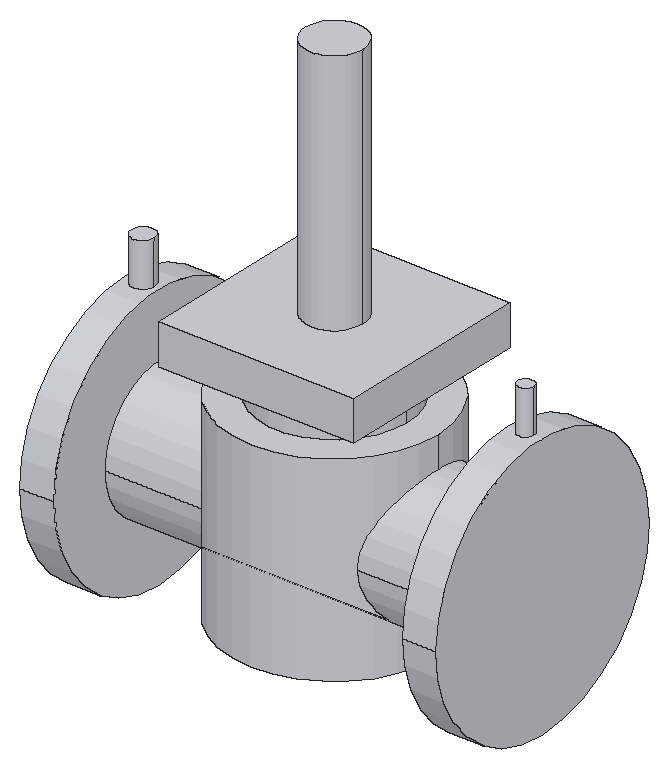
Revit family "OPTIMA_Compact_FLANGE_PN25_DN065-LF_RFA_2019", category Pipe Accessories, Revit 2019
Family settings
  Round Connector Dimension = Use Diameter
  Part Type = Valve - Breaks Into
  Work Plane-Based = No
  Always vertical = Yes
  Cut with Voids When Loaded = No
  Shared = No
Parameters (values of type "Optima Compact Flange PN25 DN065 LF")
  magiProductId = "Frese Optima Flange DN065 LF"
  magiProductFamilyId = "Frese Optima Flange *"
  magiPartTypeId = 304
  isMeasuringValve [instance] = no
  ang2D [instance] = 0.00°
  W2D = 50 mm
  VersionID = "2.0/2018.8.28.1/FRESE_OPTIMA_FLANGE_Q13_002"
  Use Minimum Symbol Size [instance] = yes
  URL = "www.hydronic.cz"
  Type Comments = "Přírubový; PN25; 0~120°C, s měřením"
  R4 = 50.75 mm
  R3 = 48.1 mm
  R1 = 72.5 mm
  QmdConnectorList = "301;D;302;D"
  Productdata [instance] = ""
  Manufacturer = "Hydronic Systems Prague s.r.o."
  MC Product Code = "53-1221 (DN65 LF; 20mm; pohon min 1000N; Qmin-dpmin 4400l/h-15.0kPa; Qmax-dpmin 25000l/h-25.0kPa; dpmax 800kPa)"
  MC Piping Given Pressure Drop [instance] = 0.0 Pa
  LF__ve = -LF  # -23.2 mm
  LF2 = 11.6 mm
  LF = 23.2 mm
  L4 = 136.3 mm
  L3 = 243.6 mm
  L2D_Min = 3048 mm
  L2D = 230 mm
  L2 = 145 mm
  H6 = 171.25 mm
  H4 = 27.75 mm
  H3 = 23.125 mm
  H2 = 69.375 mm
  H1 = 138.75 mm
  Description = "Tlakově nezávislý 2-cestný regulační vyvažovací ventil (PICV)"
  DF2 = 92.5 mm
  D = 65 mm
  CAT0 = yes
Types (14, lengths in mm): name | magiProductId | magiProductFamilyId | W2D | Type Comments | R4 | R3 | R1 | MC Product Code | LF__ve | LF2 | LF | L4 | L3 | L2D | L2 | H6 | H4 | H3 | H2 | H1 | DF2 | D
  Optima Compact Flange PN25 DN050 LF | "Frese Optima Flange DN050 LF" | "Frese Optima Flange *" | 50 | "Přírubový; PN25; 0~120°C, s měřením" | 40.3 | 42.9 | 57.5 | "53-1220 (DN50 LF; 20mm; pohon min 1000N; Qmin-dpmin 2500l/h-6.5kPa; Qmax-dpmin 15000l/h-20.0kPa; dpmax 800kPa)" | -18.4 | 9.2 | 18.4 | 108.1 | 193.2 | 230 | 115 | 157.3 | 24.8 | 20.6 | 61.9 | 123.8 | 82.5 | 50
  Optima Compact Flange PN25 DN050 HF | "Frese Optima Flange DN050 HF" | "Frese Optima Flange *" | 50 | "Přírubový; PN25; 0~120°C, s měřením" | 40.25 | 42.9 | 57.5 | "53-1230 (DN50 HF; 20mm; pohon min 1000N; Qmin-dpmin 3900l/h-19.0kPa; Qmax-dpmin 24000l/h-50.0kPa; dpmax 800kPa)" | -18.4 | 9.2 | 18.4 | 108.1 | 193.2 | 230 | 115 | 157.25 | 24.75 | 20.625 | 61.875 | 123.75 | 82.5 | 50
  Optima Compact Flange PN25 DN065 LF | "Frese Optima Flange DN065 LF" | "Frese Optima Flange *" | 50 | "Přírubový; PN25; 0~120°C, s měřením" | 50.75 | 48.1 | 72.5 | "53-1221 (DN65 LF; 20mm; pohon min 1000N; Qmin-dpmin 4400l/h-15.0kPa; Qmax-dpmin 25000l/h-25.0kPa; dpmax 800kPa)" | -23.2 | 11.6 | 23.2 | 136.3 | 243.6 | 230 | 145 | 171.25 | 27.75 | 23.125 | 69.375 | 138.75 | 92.5 | 65
  Optima Compact Flange PN25 DN065 HF | "Frese Optima Flange DN065 HF" | "Frese Optima Flange *" | 50 | "Přírubový; PN25; 0~120°C, s měřením" | 50.75 | 48.1 | 72.5 | "53-1231 (DN65 HF; 20mm; pohon min 1000N; Qmin-dpmin 6000l/h-30.0kPa; Qmax-dpmin 35000l/h-55.0kPa; dpmax 800kPa)" | -23.2 | 11.6 | 23.2 | 136.3 | 243.6 | 230 | 145 | 171.25 | 27.75 | 23.125 | 69.375 | 138.75 | 92.5 | 65
  Optima Compact Flange PN25 DN080 LF | "Frese Optima Flange DN080 LF" | "Frese Optima Flange *" | 50 | "Přírubový; PN25; 0~120°C, s měřením" | 54.25 | 52 | 77.5 | "53-1222 (DN80 LF; 20mm; pohon min 1000N; Qmin-dpmin 5300l/h-16.0kPa; Qmax-dpmin 34000l/h-25.0kPa; dpmax 800kPa)" | -24.8 | 12.4 | 24.8 | 145.7 | 260.4 | 230 | 155 | 183 | 30 | 25 | 75 | 150 | 100 | 80
  Optima Compact Flange PN25 DN080 HF | "Frese Optima Flange DN080 HF" | "Frese Optima Flange *" | 50 | "Přírubový; PN25; 0~120°C, s měřením" | 54.25 | 52 | 77.5 | "53-1232 (DN80 HF; 20mm; pohon min 1000N; Qmin-dpmin 7000l/h-23.0kPa; Qmax-dpmin 43000l/h-50.0kPa; dpmax 800kPa)" | -24.8 | 12.4 | 24.8 | 145.7 | 260.4 | 230 | 155 | 183 | 30 | 25 | 75 | 150 | 100 | 80
  Optima Compact Flange PN25 DN100 LF | "Frese Optima Flange DN100 LF" | "Frese Optima Flange *" | 50 | "Přírubový; PN25; 0~120°C, s měřením" | 61.25 | 61.1 | 87.5 | "53-1223 (DN100 LF; 40mm; pohon min 1000N; Qmin-dpmin 12100l/h-20.0kPa; Qmax-dpmin 68000l/h-35.0kPa; dpmax 800kPa)" | -28 | 14 | 28 | 164.5 | 294 | 230 | 175 | 268.75 | 35.25 | 29.375 | 88.125 | 176.25 | 117.5 | 100
  Optima Compact Flange PN25 DN100 HF | "Frese Optima Flange DN100 HF" | "Frese Optima Flange *" | 50 | "Přírubový; PN25; 0~120°C, s měřením" | 61.25 | 61.1 | 87.5 | "53-1233 (DN100 HF; 40mm; pohon min 1000N; Qmin-dpmin 14800l/h-30.0kPa; Qmax-dpmin 90000l/h-75.0kPa; dpmax 800kPa)" | -28 | 14 | 28 | 164.5 | 294 | 230 | 175 | 268.75 | 35.25 | 29.375 | 88.125 | 176.25 | 117.5 | 100
  Optima Compact Flange PN25 DN125 LF | "Frese Optima Flange DN125 LF" | "Frese Optima Flange *" | 50 | "Přírubový; PN25; 0~120°C, s měřením" | 70 | 70.2 | 100 | "53-1224 (DN125 LF; 40mm; pohon min 1000N; Qmin-dpmin 18500l/h-16.0kPa; Qmax-dpmin 110000l/h-35.0kPa; dpmax 800kPa)" | -32 | 16 | 32 | 188 | 336 | 230 | 200 | 275.5 | 40.5 | 33.75 | 101.25 | 202.5 | 135 | 125
  Optima Compact Flange PN25 DN125 HF | "Frese Optima Flange DN125 HF" | "Frese Optima Flange *" | 50 | "Přírubový; PN25; 0~120°C, s měřením" | 70 | 70.2 | 100 | "53-1234 (DN125 HF; 40mm; pohon min 1000N; Qmin-dpmin 23000l/h-27.0kPa; Qmax-dpmin 135000l/h-53.0kPa; dpmax 800kPa)" | -32 | 16 | 32 | 188 | 336 | 230 | 200 | 275.5 | 40.5 | 33.75 | 101.25 | 202.5 | 135 | 125
  Optima Compact Flange PN25 DN150 LF | "Frese Optima Flange DN150 LF" | "Frese Optima Flange *" | 50 | "Přírubový; PN25; 0~110°C, s měřením" | 84 | 74.1 | 120 | "53-1225 (DN150 LF; 43mm; pohon min 1500N; Qmin-dpmin 25600l/h-21.0kPa; Qmax-dpmin 148000l/h-35.0kPa; dpmax 800kPa)" | -38.4 | 19.2 | 38.4 | 225.6 | 403.2 | 230 | 240 | 279.25 | 42.75 | 35.625 | 106.875 | 213.75 | 142.5 | 150
  Optima Compact Flange PN25 DN150 HF | "Frese Optima Flange DN150 HF" | "Frese Optima Flange *" | 50 | "Přírubový; PN25; 0~110°C, s měřením" | 84 | 74.1 | 120 | "53-1235 (DN150 HF; 43mm; pohon min 1500N; Qmin-dpmin 32000l/h-33.0kPa; Qmax-dpmin 195000l/h-65.0kPa; dpmax 800kPa)" | -38.4 | 19.2 | 38.4 | 225.6 | 403.2 | 230 | 240 | 279.25 | 42.75 | 35.625 | 106.875 | 213.75 | 142.5 | 150
  Optima Compact Flange PN25 DN200 LF | "" | "" | 100 | "Přírubový; PN25; 0~110°C, s měřením" | 164.5 | 98.8 | 235 | "53-1226 (DN200 LF; 43mm; pohon min 1500N; Qmin-dpmin 95000l/h-11.0kPa; Qmax-dpmin 210000l/h-32.0kPa; dpmax 800kPa)" | -48 | 24 | 48 | 282 | 504 | 350 | 300 | 281 | 57 | 15 | 209 | 380 | 190 | 200
  Optima Compact Flange PN25 DN200 HF | "" | "" | 100 | "Přírubový; PN25; 0~110°C, s měřením" | 164.5 | 98.8 | 235 | "53-1236 (DN200 HF; 43mm; pohon min 1500N; Qmin-dpmin 130000l/h-31.0kPa; Qmax-dpmin 280000l/h-78.0kPa; dpmax 800kPa)" | -48 | 24 | 48 | 282 | 504 | 350 | 300 | 281 | 57 | 15 | 209 | 380 | 190 | 200
Reference planes
  plane 1 "Center (Front/Back)": y = 0
  plane 2 "XYPLANE": z = 0
  plane 3 "Center (Left/Right)": x = 0
  plane 4 "157": x = 133.4
  plane 5 "156": x = -133.4
  plane 6 "155": z = 92.5
  plane 7 "154": z = 120.25
  plane 8 "153": z = 92.5
  plane 9 "152": z = 69.375
  plane 10 "151": x = -121.8
  plane 11 "150": z = -69.375
  plane 12 "149": x = 0
  plane 13 "148": y = 0
  plane 14 "147": z = 0
  plane 15 "146": x = -145
  plane 16 "145": x = 145
Forms (mm)
  Extrusion 1, solid, visible <- "CAT0"
    sketch origin (-750, 0, 92.5) x (1, 0, 0) y (0, 1, 0)
      loop
        circle (883.4, 0) r 5.5
    from 0 to 30
  Extrusion 2, solid, visible <- "CAT0"
    sketch origin (-750, 0, 92.5) x (1, 0, 0) y (0, 1, 0)
      loop
        circle (616.6, 0) r 7.9
    from 0 to 30
  Extrusion 3, solid, visible <- "CAT0"
    sketch origin (-750, 0, 120.25) x (1, 0, 0) y (0, 1, 0)
      loop
        circle (750, 0) r 20
    from 0 to 171.25 <- "H6"
  Extrusion 4, solid, visible <- "CAT0"
    sketch origin (-750, 0, 92.5) x (1, 0, 0) y (0, 1, 0)
      loop
        line (818.15, 68.15) -> (681.85, 68.15) -> (681.85, -68.15) -> (818.15, -68.15) -> (818.15, 68.15)
    from 0 to 27.75 <- "H4"
  Extrusion 5, solid, visible <- "CAT0"
    sketch origin (-750, 0, 69.375) x (1, 0, 0) y (0, 1, 0)
      loop
        circle (750, 0) r 50.75
    from 0 to 23.125 <- "H3"
  Extrusion 6, solid, visible <- "CAT0"
    sketch origin (-121.8, -750, 0) x (0, 1, 0) y (0, 0, 1)
      loop
        circle (750, 0) r 48.1
    from 0 to 243.6 <- "L3"
  Extrusion 7, solid, visible <- "CAT0"
    sketch origin (-750, 0, -69.375) x (1, 0, 0) y (0, 1, 0)
      loop
        circle (750, 0) r 72.5
    from 0 to 138.75 <- "H1"
  Extrusion 8, solid, visible <- "CAT0"
    sketch origin (-145, -750, 0) x (0, 1, 0) y (0, 0, 1)
      loop
        circle (750, 0) r 92.5
    from 0 to 23.2 <- "LF"
  Extrusion 9, solid, visible <- "CAT0"
    sketch origin (145, -750, 0) x (0, 1, 0) y (0, 0, 1)
      loop
        circle (750, 0) r 92.5
    from 0 to -23.2 <- "LF__ve"
  Extrusion 10, solid, not visible
    sketch origin (-145, -750, 0) x (0, 1, 0) y (0, 0, 1)
      loop
        circle (750, 0) r 10
    from 0 to 10
  Extrusion 11, solid, not visible
    sketch origin (145, -750, 0) x (0, 1, 0) y (0, 0, 1)
      loop
        circle (750, 0) r 10
    from 0 to -10
Lines and regions (mm)
  reference lines, not visible
    curve 1: circle (2, 2, 0) r 1 normal (0, 0, 1)
  reference lines
    curve 2: circle (0, 0, 92.5) r 1 normal (0, 0, 1)
Dimensions and locks
  plane 1 "Center (Front/Back)" to curve 1 = 2 mm
  "LF2": plane 16 "145" to plane 4 "157"
  "LF2": plane 15 "146" to plane 5 "156"
  "DF2": plane 2 "XYPLANE" to plane 6 "155"
  "H4": plane 8 "153" to plane 7 "154"
  "H3": plane 9 "152" to plane 8 "153"
  "H1": plane 11 "150" to plane 9 "152"
  "LF": plane 15 "146" to plane 10 "151"
  "H2": plane 2 "XYPLANE" to plane 11 "150"
  locked: plane 3 "Center (Left/Right)" to plane 12 "149"
  locked: plane 1 "Center (Front/Back)" to plane 13 "148"
  locked: plane 2 "XYPLANE" to plane 14 "147"
  "L2": plane 3 "Center (Left/Right)" to plane 15 "146"
  "L2": plane 3 "Center (Left/Right)" to plane 16 "145"
  equal spacing: Extrusion 4 sketch curve, curve 2, Extrusion 4 sketch curve  (x2)
  "L4": Extrusion 4 sketch curve to Extrusion 4 sketch curve  (x2)
  Extrusion 4 sketch curve to Extrusion 4 sketch curve = 0 mm  (x8)
  "R4": radius of Extrusion 5 sketch curve
  "R3": radius of Extrusion 6 sketch curve
  "R1": radius of Extrusion 7 sketch curve
  "DF2": radius of Extrusion 8 sketch curve
  "DF2": radius of Extrusion 9 sketch curve
  aligned and locked: level to plane 2 "XYPLANE"
  aligned and locked: plane 4 "157" to Extrusion 1 sketch curve
  aligned and locked: plane 13 "148" to Extrusion 1 sketch curve
  aligned and locked: plane 5 "156" to Extrusion 2 sketch curve
  aligned and locked: plane 13 "148" to Extrusion 2 sketch curve
  aligned and locked: plane 12 "149" to Extrusion 3 sketch curve
  aligned and locked: plane 13 "148" to Extrusion 3 sketch curve
  aligned and locked: plane 12 "149" to curve 2
  aligned and locked: plane 13 "148" to curve 2
  aligned and locked: plane 12 "149" to Extrusion 5 sketch curve
  aligned and locked: plane 13 "148" to Extrusion 5 sketch curve
  aligned and locked: Extrusion 6 sketch curve to plane 13 "148"
  aligned and locked: plane 14 "147" to Extrusion 6 sketch curve
  aligned and locked: plane 12 "149" to Extrusion 7 sketch curve
  aligned and locked: plane 13 "148" to Extrusion 7 sketch curve
  aligned and locked: Extrusion 8 sketch curve to plane 13 "148"
  aligned and locked: plane 14 "147" to Extrusion 8 sketch curve
  aligned and locked: Extrusion 9 sketch curve to plane 13 "148"
  aligned and locked: plane 14 "147" to Extrusion 9 sketch curve
  aligned and locked: Extrusion 10 sketch curve to plane 13 "148"
  aligned and locked: plane 14 "147" to Extrusion 10 sketch curve
  aligned and locked: Extrusion 11 sketch curve to plane 13 "148"
  aligned and locked: plane 14 "147" to Extrusion 11 sketch curve
Automatic sketch dimensions
  Extrusion 1 sketch curve to plane 4 "157" = 5.5 mm
  plane 15 "146" to Extrusion 2 sketch curve = 3.7 mm
  Extrusion 3 sketch curve to plane 3 "Center (Left/Right)" = 20 mm
  plane 1 "Center (Front/Back)" to Extrusion 10 sketch curve = 10 mm
  plane 1 "Center (Front/Back)" to Extrusion 11 sketch curve = 10 mm
  plane 3 "Center (Left/Right)" to curve 1 = 2 mm
  plane 10 "151" to Extrusion 4 sketch curve = 53.65 mm
  plane 1 "Center (Front/Back)" to Extrusion 4 sketch curve = 68.15 mm
  radius of curve 2 = 1 mm
  radius of curve 1 = 1 mm
Connectors
  piping at (-145, 0, 0), diameter 65, driven by "D"
    settings: on Extrusion 10, index 1, connector inside diameter 609.6 mm, connector length 0 mm, flow factor 0, pipe flow 0.0 L/s, pressure drop 0.0 Pa, fitting loss kfactor 0, connector angle 0.00°, fixture units 0, engagement length 0 mm, angle of deflection 0.00°, flow configuration 0, flow direction 0, fitting loss method 0, system type 29, joint type 0, gender type 0, connector reference index 2, connector utility 0, adjustable connector no, is connector primary yes, connector description ""
  piping at (145, 0, 0), diameter 65, driven by "D"
    settings: on Extrusion 11, index 2, connector inside diameter 609.6 mm, connector length 0 mm, flow factor 0, pipe flow 0.0 L/s, pressure drop 0.0 Pa, fitting loss kfactor 0, connector angle 0.00°, fixture units 0, engagement length 0 mm, angle of deflection 0.00°, flow configuration 0, flow direction 0, fitting loss method 0, system type 29, joint type 0, gender type 0, connector reference index 1, connector utility 0, adjustable connector no, is connector primary no, connector description ""
